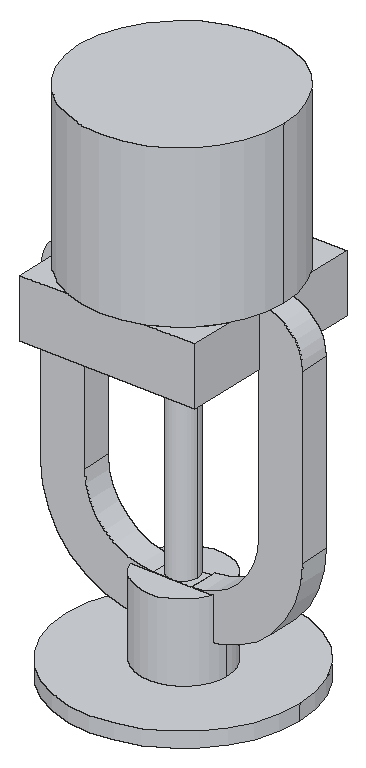
Revit family
Parameters (values of type "RASCO F156-300 PENDENT")
  Temperature Rating = 200 °F
  Response = (empty or 0)
  RASCO SIN # = "RA2514"
  RASCO Part # = "F56P2W3"
  Pressure Rating = "300 PSI"
  Pressure Class = 1
  Orifice Size = 1/2"
  Orifice = (empty or 0)
  Model = "F156-300"
  Manufacturer = "RASCO"
  K-Factor = 5.6
  Description = "White Finish"
  Coverage = (empty or 0)
Reference planes (in)
  plane 1 "Center (Front/Back)": y = 0
  plane 2: z = 0
  plane 3 "Center (Left/Right)": x = 0
Dimensions and locks (in)
  aligned and locked: plane 2 to level
Nested families (in)
  nested 1: "F56P2W3" at (-0.0113, 0, 2.4375) x (-1, 0, 0) z (0, 0, -1), type "RASCO F156-300 PENDENT"
Connectors (in)
  piping at (-0.0113, 0, 2.4375)
    settings: on nested 1, index 1, connector radius 55/128", flow factor 0, pipe flow 0 GPM, pressure drop 0.00 psi, fitting loss kfactor 0, connector angle 0.00°, fixture units 0, flow configuration 0, flow direction 0, fitting loss method 0, system type 7, connector reference index -1, connector utility 0, adjustable connector no, is connector primary yes, fitting loss table "", connector description ""
Definition of nested family "F56P2W3"
  Parameters (values of type "RASCO F156-300 PENDENT")
    Type Comments = ""
    Temperature Rating = 0 °F
    Response = (empty or 0)
    Pressure Rating = "0"
    Pressure Class = (empty or 0)
    Orifice Size = 0"
    Orifice = (empty or 0)
    Model = ""
    Manufacturer = ""
    K-Factor = 0
    Description = ""
    Coverage = (empty or 0)
    Assembly Code = ""
  Reference planes (in)
    plane 1 "Center (Front/Back)": y = 0
    plane 2: z = 0
    plane 3 "ref.2": z = 0.6875
    plane 4 "ref.3": z = 0.9375
    plane 5: x = -0.38065
    plane 6: x = 0.36935
    plane 7 "ref. side 1": y = 0.06402
    plane 8 "ref. side 2": y = -0.06098
    plane 9 "ref.4": z = 1.875
    plane 10 "ref.5": z = 2.3125
    plane 11 "ref.6": z = 2.4375
  Forms (in)
    Extrusion 1, solid
      sketch origin (0, 0, 0) x (1, 0, 0) y (0, 1, 0)
        loop
          circle (0, 0) r 0.4379
      from 0 to 0.6875
    Extrusion 2, solid
      sketch origin (-0.12185, 0.05177, 0.6875) x (1, 0, 0) y (0, 1, 0)
        loop
          line (-0.2588, 0.356) -> (-0.2588, -0.4565) -> (0.4912, -0.4565) -> (0.4912, 0.356) -> (-0.2588, 0.356)
      from 0 to 0.25
    Extrusion 3, solid
      sketch origin (0, 0, 0) x (1, 0, 0) y (0, 0, 1)
        loop
          line (-0.38065, 0.68754) -> (-0.38065, 1.58397)
          arc (-0.38065, 1.58397) -> (-0.29541, 1.78976) -> (-0.08962, 1.875) r 0.29103
          line (-0.08962, 1.875) -> (0.07524, 1.875)
          arc (0.07524, 1.875) -> (0.28321, 1.78886) -> (0.36935, 1.58089) r 0.29411
          line (0.36935, 1.58089) -> (0.36935, 0.68751)
          arc (0.36935, 0.68751) -> (0.50207, 0.74393) -> (0.55685, 0.87734) r 0.18984
          line (0.55685, 0.87734) -> (0.55685, 1.61676)
          arc (0.55685, 1.61676) -> (0.42629, 1.93194) -> (0.11111, 2.0625) r 0.44574
          line (0.11111, 2.0625) -> (-0.12259, 2.0625)
          arc (-0.12259, 2.0625) -> (-0.43765, 1.932) -> (-0.56815, 1.61694) r 0.44556
          line (-0.56815, 1.61694) -> (-0.56815, 0.87876)
          arc (-0.56815, 0.87876) -> (-0.51345, 0.74486) -> (-0.38065, 0.68754) r 0.19126
      from -0.06402 to 0.06098
    Extrusion 4, solid
      sketch origin (0, 0, 0.9375) x (-1, 0, 0) y (0, -1, 0)
        loop
          circle (0.00574, -0.00152) r 0.0625
      from 0 to 0.9375
    Extrusion 5, solid
      sketch origin (0, 0, 1.875) x (-1, 0, 0) y (0, -1, 0)
        loop
          circle (0.00574, -0.00152) r 0.1875
      from 0 to 0.4375
    Extrusion 6, solid
      sketch origin (0, 0, 2.3125) x (0, -1, 0) y (1, 0, 0)
        loop
          circle (-0.00152, -0.00574) r 0.5
      from -0.10531 to -0.03987
  Cuts and joins
    joined: Extrusion 1, Extrusion 2, Extrusion 4
  Lines and regions (in)
    model lines
      curve 1: line (-0.00574, 0.06402, 1.875) -> (-0.00574, -0.06098, 1.875)
